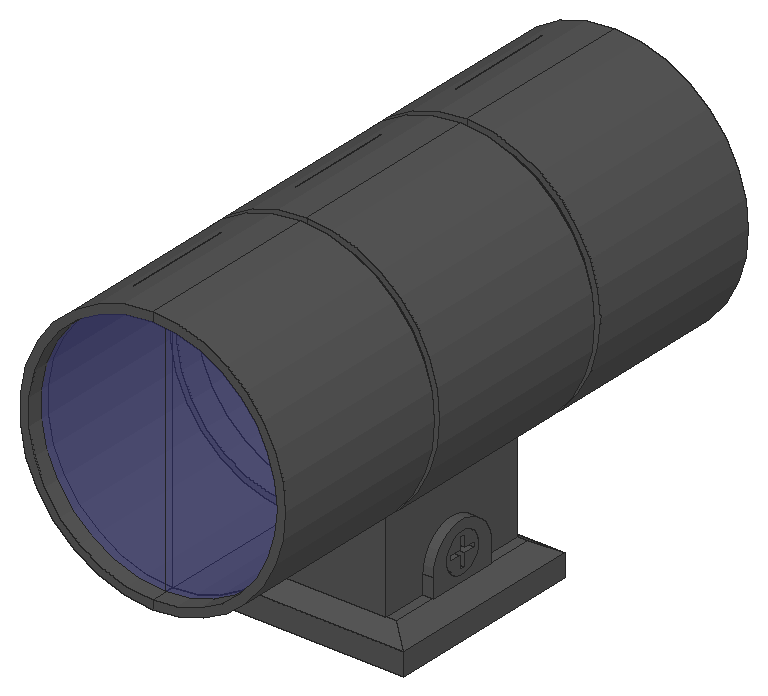
Revit family "CARLO CYLINDER LIGHT WALL MOUNT", category Lighting Fixtures, host Face, Revit 2020 (continued)
Types (10): name | Wattage_Input | Wattage Comments | Wattage | Photometric Web File | built-in parameter 1150142 | Model | built-in parameter 1150105 | Lumens | Light Length 1 | LIGHT RADIUS | LIGHT PLACEMENT | LIGHT LENGTH | LIGHT DIA | built-in parameter 1150106 | FIXED END HEIGHT | Curve base Height | Base Curve | BEAMING ANGLE | Apparent Load
     851.34 \r\n 849.27 \r\n2.1273 851.43 851.05 850.19 848.9 847.22 845.23 842.99 840.56 838.16 \r\n 835.39 831.76 827.84 824.21 820.32 815.71 810.63 805.11 799.3 793.34 \r\n 787.2 780.9 774.4 767.63 760.61 753.27 745.68 737.89 729.85 721.57 \r\n 712.92 703.62 694.15 685.11 675.81 665.55 654.93 644.37 633.67 622.84 \r\n 611.65 599.71 587.51 575.57 563.42 550.63 537.67 524.58 512.27 502.19 \r\n 492.84 483.06 473.24 463.21 453.58 445.17 437.11 428.67 420.25 412.07 \r\n 403.98 395.84 387.77 379.96 372.03 363.68 354.92 345.96 335.97 324.12 \r\n 310.55 295.09 277.77 258.13 237.54 217.37 197.07 176.31 155.79 136.09 \r\n 117.16 99.132 81.995 65.313 50.461 38.764 29.945 24.67 21.443 19.061 \r\n 17.32 15.525 13.945 12.621 11.547 10.767 10.169 9.6674 9.2287 8.7755 \r\n 8.35 7.9741 7.6307 7.3131 7.0113 6.7095 6.4176 6.1378 5.8764 5.6468 \r\n 5.429 5.2053 4.9822 4.7575 4.5399 4.3399 4.1489 3.9604 3.7776 3.6032 \r\n 3.4318 3.2567 3.0847 2.9179 2.7648 2.6442 2.5274 2.3834 2.2373 2.1055 \r\n 1.9822 1.87 1.7607 1.6436 1.5297 1.4273 1.3343 1.253 1.179 1.1109 \r\n 1.0418 0.9603 0.88301 0.82741 0.77961 0.7311 0.68331 0.63533 0.58574 0.52927 \r\n 0.47651 0.44062 0.40857 0.36893 0.32995 0.29586 0.26727 0.25096 0.23269 0.19232 \r\n 0.15433 0.14289 0.13884 0.13335 0.11958 0.079871 0.037838 0.01381 0 0 \r\n 0 0 0 0 0 0 0 0 0 0 \r\n 0 0 0 0 0 0 0 0 0.00012483 0.0064698 \r\n 0.013614 0.015356 0.020135 0.034399 0.05792 0.099347 0.13849 0.15186 0.15801 0.16602 \r\n 0.1808 0.21723 0.25452 0.26976 0.28422 0.31475 0.35165 0.39236 0.4323 0.46117 \r\n 0.49361 0.54591 0.60271 0.65228 0.69999 0.74662 0.79427 0.84307 0.89975 0.97666 \r\n 1.0572 1.1258 1.1951 1.2727 1.3586 1.4569 1.5644 1.6819 1.8023 1.9154 \r\n 2.0303 2.1536 2.2826 2.4196 2.5565 2.6804 2.8092 2.9601 3.1235 3.2979 \r\n 3.4755 3.6438 3.8147 3.9977 4.1873 4.3796 4.5795 4.7937 5.0141 5.2347 \r\n 5.4569 5.6761 5.9047 6.1544 6.423 6.7164 7.0218 7.3218 7.6358 7.9744 \r\n 8.3469 8.7727 9.2324 9.6958 10.214 10.787 11.536 12.604 13.925 15.492 \r\n 17.274 19.05 21.379 24.307 29.156 37.421 48.635 63.323 80 97.213 \r\n 115.39 134.54 154.42 174.97 195.63 215.77 235.62 255.46 274.51 292.09 \r\n 308.11 322.21 334.51 344.67 353.69 362.51 370.91 378.89 386.73 394.75 \r\n 402.87 411.1 419.44 427.96 436.45 444.46 452.77 462.29 472.24 482.07 \r\n 491.97 501.65 512.02 524.36 537.39 550.32 563.1 575.23 587.22 599.64 \r\n 611.74 622.76 633.4 644.22 654.86 665.14 675.01 684.14 693.13 702.78 \r\n 712.2 720.51 728.46 736.66 744.61 751.87 758.88 765.98 773 779.95 \r\n 786.61 792.6 798.33 804.12 809.73 815.04 819.91 824.04 827.84 831.76 \r\n 835.34 838.06 840.45 843.01 845.39 847.43 849.11 850.33 851.12 851.46 \r\n 849.27 \r\n2.1273 851.54 851.21 850.4 849.16 847.47 845.45 843.18 840.71 838.29 \r\n 835.5 831.82 827.85 824.21 820.27 815.51 810.28 804.7 798.88 793.07 \r\n 787.03 780.59 773.87 766.94 759.84 752.68 745.29 737.43 729.33 721.24 \r\n 712.75 703.26 693.6 684.74 675.71 665.64 655.14 644.57 633.86 623.24 \r\n 612.22 600.13 587.75 575.84 563.78 551.06 538.16 525.02 512.63 502.42 \r\n 492.94 483.1 473.26 463.23 453.62 445.26 437.23 428.77 420.28 411.97 \r\n 403.74 395.59 387.53 379.69 371.73 363.4 354.66 345.68 335.59 323.45 \r\n 309.62 294.15 276.99 257.71 237.43 217.19 196.73 175.91 155.39 135.82 \r\n 117.04 99.178 82.078 65.005 49.793 38.256 29.73 24.637 21.535 19.168 \r\n 17.4 15.594 14.005 12.678 11.604 10.827 10.231 9.7241 9.2775 8.8152 \r\n 8.3821 8.0046 7.6619 7.3464 7.0451 6.7366 6.4382 6.1601 5.9018 5.6719 \r\n 5.453 5.2281 5.0043 4.7806 4.564 4.3632 4.1715 3.9842 3.803 3.6297 \r\n 3.4585 3.2807 3.1061 2.9392 2.7862 2.6632 2.5452 2.4064 2.2657 2.1342 \r\n 2.0095 1.8962 1.7849 1.6634 1.5449 1.4399 1.3448 1.2606 1.1844 1.1165 \r\n 1.0478 0.96594 0.88816 0.83215 0.78407 0.7355 0.68789 0.64066 0.59152 0.53381 \r\n 0.48011 0.446 0.41583 0.37581 0.33585 0.301 0.27208 0.25676 0.23949 0.19875 \r\n 0.16007 0.14815 0.14404 0.14007 0.12716 0.08479 0.039581 0.014317 0 0 \r\n 0 0 0 0 0 0 0 0 0 0 \r\n 0 0 0 0 0 0 0 0 0 0 \r\n 0 0 0 0.014317 0.039581 0.08479 0.12716 0.14007 0.14404 0.14815 \r\n 0.16007 0.19875 0.23949 0.25676 0.27208 0.301 0.33585 0.37581 0.41583 0.446 \r\n 0.48011 0.53381 0.59152 0.64066 0.68789 0.7355 0.78407 0.83215 0.88816 0.96594 \r\n 1.0478 1.1165 1.1844 1.2606 1.3448 1.4399 1.5449 1.6634 1.7849 1.8962 \r\n 2.0095 2.1342 2.2657 2.4064 2.5452 2.6632 2.7862 2.9392 3.1061 3.2807 \r\n 3.4585 3.6297 3.803 3.9842 4.1715 4.3632 4.564 4.7806 5.0043 5.2281 \r\n 5.453 5.6719 5.9018 6.1601 6.4382 6.7366 7.0451 7.3464 7.6619 8.0046 \r\n 8.3821 8.8152 9.2775 9.7241 10.231 10.827 11.604 12.678 14.005 15.594 \r\n 17.4 19.168 21.535 24.637 29.73 38.256 49.793 65.005 82.078 99.178 \r\n 117.04 135.82 155.39 175.91 196.73 217.19 237.43 257.71 276.99 294.15 \r\n 309.62 323.45 335.59 345.68 354.66 363.4 371.73 379.69 387.53 395.59 \r\n 403.74 411.97 420.28 428.77 437.23 445.26 453.62 463.23 473.26 483.1 \r\n 492.94 502.42 512.63 525.02 538.16 551.06 563.78 575.84 587.75 600.13 \r\n 612.22 623.24 633.86 644.57 655.14 665.64 675.71 684.74 693.6 703.26 \r\n 712.75 721.24 729.33 737.43 745.29 752.68 759.84 766.94 773.87 780.59 \r\n 787.03 793.07 798.88 804.7 810.28 815.51 820.27 824.21 827.85 831.82 \r\n 835.5 838.29 840.71 843.18 845.45 847.47 849.16 850.4 851.21 851.54 \r\n 849.27 \r\n2.1273 851.46 851.12 850.33 849.11 847.43 845.39 843.01 840.45 838.06 \r\n 835.34 831.76 827.84 824.04 819.91 815.04 809.73 804.12 798.33 792.6 \r\n 786.61 779.95 773 765.98 758.88 751.87 744.61 736.66 728.46 720.51 \r\n 712.2 702.78 693.13 684.14 675.01 665.14 654.86 644.22 633.4 622.76 \r\n 611.74 599.64 587.22 575.23 563.1 550.32 537.39 524.36 512.02 501.65 \r\n 491.97 482.07 472.24 462.29 452.77 444.46 436.45 427.96 419.44 411.1 \r\n 402.87 394.75 386.73 378.89 370.91 362.51 353.69 344.67 334.51 322.21 \r\n 308.11 292.09 274.51 255.46 235.62 215.77 195.63 174.97 154.42 134.54 \r\n 115.39 97.213 80 63.323 48.635 37.421 29.156 24.307 21.379 19.05 \r\n 17.274 15.492 13.925 12.604 11.536 10.787 10.214 9.6958 9.2324 8.7727 \r\n 8.3469 7.9744 7.6358 7.3218 7.0218 6.7164 6.423 6.1544 5.9047 5.6761 \r\n 5.4569 5.2347 5.0141 4.7937 4.5795 4.3796 4.1873 3.9977 3.8147 3.6438 \r\n 3.4755 3.2979 3.1235 2.9601 2.8092 2.6804 2.5565 2.4196 2.2826 2.1536 \r\n 2.0303 1.9154 1.8023 1.6819 1.5644 1.4569 1.3586 1.2727 1.1951 1.1258 \r\n 1.0572 0.97666 0.89975 0.84307 0.79427 0.74662 0.69999 0.65228 0.60271 0.54591 \r\n 0.49361 0.46117 0.4323 0.39236 0.35165 0.31475 0.28422 0.26976 0.25452 0.21723 \r\n 0.1808 0.16602 0.15801 0.15186 0.13849 0.099347 0.05792 0.034399 0.020135 0.015356 \r\n 0.013614 0.0064698 0.00012483 0 0 0 0 0 0 0 \r\n 0 0 0 0 0 0 0 0 0 0 \r\n 0 0 0 0.01381 0.037838 0.079871 0.11958 0.13335 0.13884 0.14289 \r\n 0.15433 0.19232 0.23269 0.25096 0.26727 0.29586 0.32995 0.36893 0.40857 0.44062 \r\n 0.47651 0.52927 0.58574 0.63533 0.68331 0.7311 0.77961 0.82741 0.88301 0.9603 \r\n 1.0418 1.1109 1.179 1.253 1.3343 1.4273 1.5297 1.6436 1.7607 1.87 \r\n 1.9822 2.1055 2.2373 2.3834 2.5274 2.6442 2.7648 2.9179 3.0847 3.2567 \r\n 3.4318 3.6032 3.7776 3.9604 4.1489 4.3399 4.5399 4.7575 4.9822 5.2053 \r\n 5.429 5.6468 5.8764 6.1378 6.4176 6.7095 7.0113 7.3131 7.6307 7.9741 \r\n 8.35 8.7755 9.2287 9.6674 10.169 10.767 11.547 12.621 13.945 15.525 \r\n 17.32 19.061 21.443 24.67 29.945 38.764 50.461 65.313 81.995 99.132 \r\n 117.16 136.09 155.79 176.31 197.07 217.37 237.54 258.13 277.77 295.09 \r\n 310.55 324.12 335.97 345.96 354.92 363.68 372.03 379.96 387.77 395.84 \r\n 403.98 412.07 420.25 428.67 437.11 445.17 453.58 463.21 473.24 483.06 \r\n 492.84 502.19 512.27 524.58 537.67 550.63 563.42 575.57 587.51 599.71 \r\n 611.65 622.84 633.67 644.37 654.93 665.55 675.81 685.11 694.15 703.62 \r\n 712.92 721.57 729.85 737.89 745.68 753.27 760.61 767.63 774.4 780.9 \r\n 787.2 793.34 799.3 805.11 810.63 815.71 820.32 824.21 827.84 831.76 \r\n 835.39 838.16 840.56 842.99 845.23 847.22 848.9 850.19 851.05 851.43 \r\n 849.27 \r\n2.1273 851.34 850.97 850.19 848.99 847.32 845.27 842.78 840.13 837.76 \r\n 835.12 831.68 827.82 823.85 819.5 814.51 809.13 803.52 797.76 792.12 \r\n 786.15 779.3 772.14 765.05 757.96 751.09 743.95 735.91 727.63 719.79 \r\n 711.64 702.35 692.75 683.57 674.28 664.6 654.53 643.84 632.89 622.19 \r\n 611.14 599.04 586.62 574.54 562.31 549.45 536.48 523.57 511.33 500.78 \r\n 490.91 480.96 471.16 461.31 451.9 443.62 435.62 427.11 418.57 410.23 \r\n 402.01 393.94 385.96 378.13 370.12 361.64 352.73 343.68 333.46 321.05 \r\n 306.71 290.05 271.96 253.1 233.7 214.31 194.57 174.09 153.52 133.27 \r\n 113.67 95.099 77.742 61.586 47.556 36.671 28.633 24 21.221 18.922 \r\n 17.137 15.38 13.836 12.519 11.455 10.734 10.184 9.6532 9.1724 8.7176 \r\n 8.3016 7.9345 7.5998 7.2867 6.988 6.6875 6.4012 6.1432 5.9027 5.6752 \r\n 5.4557 5.2368 5.0203 4.8033 4.5918 4.3931 4.2007 4.008 3.8226 3.6542 \r\n 3.4892 3.3124 3.1388 2.9795 2.8308 2.6958 2.5656 2.4297 2.296 2.1696 \r\n 2.048 1.9312 1.8163 1.6984 1.5831 1.4735 1.3723 1.2849 1.2063 1.1358 \r\n 1.0667 0.98796 0.91235 0.85489 0.80519 0.75853 0.71291 0.66437 0.61414 0.55876 \r\n 0.50836 0.47736 0.44946 0.40978 0.36853 0.32945 0.29708 0.2832 0.26993 0.23687 \r\n 0.20338 0.18538 0.17281 0.16381 0.14973 0.11493 0.078522 0.057035 0.04264 0.034899 \r\n 0.028157 0.013318 0.00025817 0 0 0 0 0 0 0 \r\n 0 0 0 0 0 0 0 0 0 0 \r\n 0 0 0.00095128 0.016297 0.040673 0.078343 0.11388 0.12874 0.13652 0.14151 \r\n 0.1531 0.1896 0.22859 0.24766 0.26507 0.29369 0.32738 0.36527 0.40434 0.43839 \r\n 0.47606 0.52732 0.58202 0.63227 0.6813 0.72917 0.77752 0.82527 0.88062 0.95707 \r\n 1.0378 1.1071 1.1753 1.2473 1.326 1.4172 1.5171 1.6253 1.737 1.8444 \r\n 1.956 2.0775 2.2092 2.3606 2.5098 2.6268 2.746 2.8988 3.0647 3.2335 \r\n 3.4057 3.5766 3.7517 3.9367 4.127 4.3173 4.5161 4.7343 4.9592 5.1807 \r\n 5.4025 5.6192 5.8482 6.1114 6.3909 6.6744 6.9678 7.2703 7.5903 7.9339 \r\n 8.3068 8.722 9.1639 9.5972 10.095 10.692 11.472 12.547 13.868 15.434 \r\n 17.214 18.928 21.325 24.681 30.137 39.235 51.045 65.385 81.548 98.759 \r\n 117.04 136.22 156.11 176.63 197.27 217.32 237.33 258.19 278.19 295.78 \r\n 311.36 324.66 336.16 346.06 355.01 363.8 372.2 380.1 387.87 395.96 \r\n 404.08 412.04 420.08 428.44 436.86 444.96 453.42 463.05 473.05 482.82 \r\n 492.54 501.81 511.8 523.99 537.01 550.03 562.93 575.19 587.17 599.17 \r\n 610.95 622.34 633.42 644.12 654.67 665.39 675.83 685.46 694.74 704 \r\n 713.05 721.86 730.34 738.33 746.07 753.85 761.35 768.29 774.88 781.19 \r\n 787.35 793.59 799.67 805.47 810.9 815.84 820.3 824.19 827.82 831.67 \r\n 835.22 837.95 840.33 842.73 844.95 846.92 848.59 849.9 850.82 851.26 \r\n 849.27 \r\n2.1273 851.19 850.78 850.01 848.83 847.18 845.11 842.53 839.8 837.45 \r\n 834.87 831.57 827.79 823.65 819.07 813.97 808.54 802.93 797.2 791.63 \r\n 785.68 778.68 771.35 764.2 757.12 750.38 743.36 735.25 726.89 719.15 \r\n 711.13 702.01 692.5 683.1 673.6 664.09 654.22 643.48 632.42 621.64 \r\n 610.53 598.45 586.05 573.89 561.55 548.59 535.59 522.81 510.68 499.99 \r\n 489.94 479.96 470.19 460.45 451.14 442.89 434.89 426.38 417.84 409.52 \r\n 401.33 393.31 385.38 377.56 369.53 360.97 351.97 342.88 332.61 320.15 \r\n 305.62 288.33 269.69 250.97 231.96 213.02 193.69 173.42 152.84 132.22 \r\n 112.14 93.162 75.649 60.049 46.704 36.112 28.246 23.777 21.104 18.821 \r\n 17.022 15.285 13.761 12.442 11.378 10.68 10.149 9.6054 9.1086 8.6598 \r\n 8.2542 7.8918 7.56 7.2472 6.9496 6.655 6.3767 6.129 5.8971 5.6705 \r\n 5.4503 5.2351 5.0228 4.809 4.5999 4.4029 4.2107 4.0148 3.8265 3.6604 \r\n 3.4989 3.3233 3.1509 2.9952 2.8485 2.7079 2.5718 2.4365 2.3052 2.1812 \r\n 2.0611 1.9424 1.8258 1.711 1.5988 1.4879 1.3844 1.2959 1.2165 1.1447 \r\n 1.0751 0.99844 0.92448 0.86619 0.81541 0.76969 0.72501 0.67538 0.62431 0.57063 \r\n 0.52239 0.49246 0.46516 0.42589 0.38434 0.34318 0.30895 0.29528 0.28368 0.25511 \r\n 0.2249 0.20371 0.1865 0.17443 0.15952 0.12943 0.098451 0.07899 0.064342 0.053512 \r\n 0.041771 0.01969 0.000383 0 0 0 0 0 0 0 \r\n 0 0 0 0 0 0 0 0 0 0 \r\n 0 0.0014155 0.0077906 0.024167 0.047468 0.079878 0.11065 0.12668 0.13718 0.14385 \r\n 0.15612 0.19058 0.22745 0.2471 0.26564 0.29462 0.32821 0.36495 0.4033 0.43931 \r\n 0.47868 0.52808 0.5807 0.63169 0.68194 0.72988 0.77806 0.82597 0.88126 0.95667 \r\n 1.0364 1.1055 1.1737 1.2444 1.3209 1.4107 1.5082 1.6105 1.7164 1.8223 \r\n 1.9336 2.0533 2.1846 2.3405 2.4946 2.6126 2.7315 2.8836 3.0479 3.2137 \r\n 3.3831 3.5531 3.7287 3.9159 4.1082 4.2978 4.4953 4.7135 4.9382 5.1576 \r\n 5.3772 5.5927 5.821 6.0846 6.3625 6.6367 6.9215 7.2249 7.5475 7.8907 \r\n 8.2599 8.6632 9.0934 9.5234 10.021 10.614 11.391 12.467 13.786 15.335 \r\n 17.098 18.787 21.201 24.69 30.318 39.659 51.531 65.299 80.901 98.207 \r\n 116.79 136.25 156.35 176.85 197.35 217.1 236.91 257.97 278.3 296.24 \r\n 312.02 325.02 336.16 345.97 354.92 363.75 372.19 380.09 387.85 395.94 \r\n 404.06 411.91 419.83 428.13 436.54 444.69 453.2 462.79 472.73 482.45 \r\n 492.13 501.37 511.3 523.37 536.3 549.39 562.41 574.78 586.81 598.62 \r\n 610.25 621.84 633.16 643.89 654.42 665.23 675.81 685.8 695.34 704.39 \r\n 713.19 722.14 730.81 738.78 746.49 754.42 762.06 768.92 775.35 781.48 \r\n 787.5 793.82 800.01 805.76 811.1 815.89 820.24 824.15 827.82 831.58 \r\n 835.02 837.71 840.06 842.44 844.65 846.59 848.25 849.59 850.55 851.07 \r\n 849.27 \r\n2.1273 851.04 850.59 849.83 848.66 847.01 844.93 842.3 839.52 837.16 \r\n 834.63 831.46 827.77 823.46 818.67 813.46 807.97 802.37 796.67 791.16 \r\n 785.23 778.14 770.7 763.5 756.43 749.81 742.91 734.75 726.33 718.65 \r\n 710.75 701.81 692.39 682.78 673.08 663.69 653.99 643.22 632.08 621.21 \r\n 610.04 598 585.63 573.4 560.96 547.92 534.88 522.22 510.2 499.41 \r\n 489.24 479.24 469.51 459.87 450.66 442.43 434.43 425.94 417.42 409.12 \r\n 400.97 393.02 385.14 377.32 369.28 360.64 351.57 342.45 332.15 319.69 \r\n 305.03 287.17 268.04 249.4 230.7 212.16 193.19 173.1 152.52 131.58 \r\n 111.09 91.73 74.068 58.967 46.226 35.853 28.083 23.7 21.071 18.781 \r\n 16.963 15.234 13.72 12.394 11.323 10.637 10.117 9.5617 9.0522 8.6091 \r\n 8.2128 7.8533 7.5224 7.2093 6.9126 6.6237 6.3532 6.1143 5.8894 5.6628 \r\n 5.4416 5.2297 5.0214 4.8102 4.6031 4.408 4.2165 4.0175 3.8265 3.6622 \r\n 3.5036 3.3295 3.1585 3.0057 2.8603 2.7154 2.5747 2.4394 2.3097 2.1874 \r\n 2.0684 1.9476 1.8296 1.7182 1.6095 1.4982 1.3932 1.3043 1.2245 1.1514 \r\n 1.0811 1.0067 0.93465 0.87551 0.82355 0.77858 0.73464 0.68376 0.63175 0.57982 \r\n 0.5337 0.50436 0.47724 0.43848 0.39692 0.35403 0.31813 0.30419 0.29369 0.26936 \r\n 0.24242 0.21848 0.19713 0.18222 0.1665 0.14077 0.11477 0.09703 0.082068 0.068548 \r\n 0.052601 0.02473 0.00048217 0 0 0 0 0 0 0 \r\n 0 0 0 0 0 0 0 0 0 0 \r\n 0 0.0064301 0.017831 0.035526 0.057602 0.084628 0.11048 0.12761 0.1409 0.14977 \r\n 0.16314 0.19524 0.22952 0.24953 0.26917 0.29876 0.33253 0.36812 0.40562 0.44341 \r\n 0.48429 0.53167 0.58213 0.63383 0.68533 0.73337 0.78147 0.82977 0.88518 0.95955 \r\n 1.0381 1.107 1.1749 1.2444 1.3197 1.4088 1.5045 1.6011 1.7016 1.8065 \r\n 1.9178 2.036 2.1668 2.3259 2.4838 2.6037 2.7232 2.8743 3.0367 3.1999 \r\n 3.3669 3.5361 3.7118 3.9009 4.0949 4.2839 4.4803 4.6979 4.9217 5.1391 \r\n 5.3565 5.5709 5.7982 6.0611 6.3366 6.6021 6.879 7.1837 7.509 7.8514 \r\n 8.2164 8.608 9.0271 9.4561 9.9542 10.544 11.317 12.394 13.712 15.244 \r\n 16.989 18.657 21.092 24.715 30.501 40.02 51.902 65.131 80.219 97.627 \r\n 116.5 136.22 156.5 176.96 197.31 216.78 236.37 257.56 278.15 296.45 \r\n 312.47 325.19 335.95 345.68 354.64 363.51 372 379.91 387.68 395.8 \r\n 403.91 411.71 419.55 427.81 436.21 444.43 452.99 462.52 472.36 482.02 \r\n 491.67 500.94 510.89 522.84 535.68 548.84 561.97 574.43 586.51 598.17 \r\n 609.68 621.45 632.98 643.73 654.26 665.11 675.82 686.13 695.94 704.79 \r\n 713.37 722.44 731.28 739.25 746.96 755.01 762.73 769.53 775.83 781.8 \r\n 787.71 794.07 800.31 805.99 811.22 815.89 820.15 824.11 827.83 831.49 \r\n 834.81 837.45 839.78 842.16 844.36 846.28 847.92 849.27 850.27 850.86 \r\n 849.27 \r\n2.1273 850.92 850.46 849.72 848.58 846.91 844.81 842.23 839.5 837.08 \r\n 834.48 831.39 827.75 823.35 818.43 813.13 807.59 801.97 796.29 790.79 \r\n 784.9 777.88 770.48 763.24 756.14 749.64 742.86 734.73 726.32 718.67 \r\n 710.81 701.97 692.64 682.94 673.13 663.75 654.08 643.37 632.27 621.39 \r\n 610.18 598.16 585.81 573.57 561.12 548.07 535.03 522.41 510.45 499.72 \r\n 489.6 479.66 469.97 460.36 451.18 442.95 434.96 426.53 418.08 409.84 \r\n 401.75 393.87 386.05 378.26 370.21 361.56 352.46 343.35 333.07 320.64 \r\n 305.97 287.94 268.64 249
